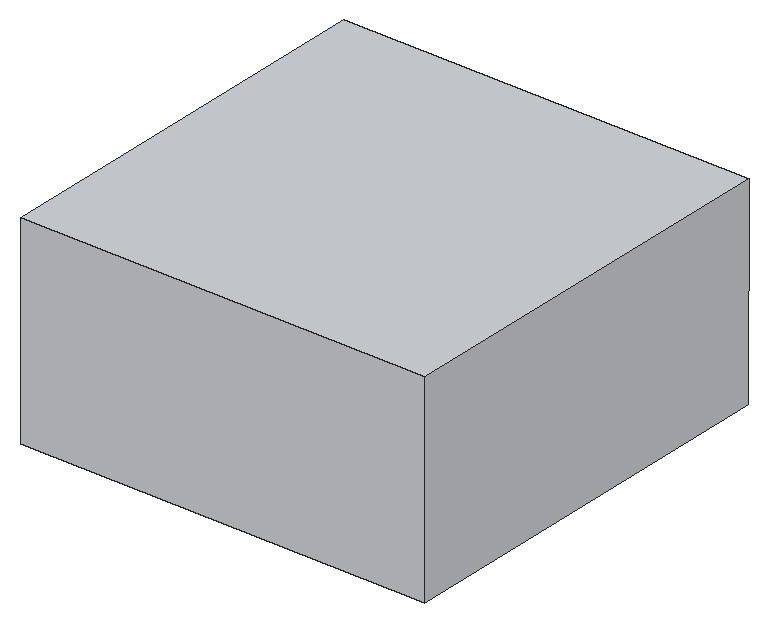
Revit family "Junction Box with Isolated Ground Outlet", category Electrical Fixtures, host Face, Revit 2025
Family settings
  Host = Face
  Round Connector Dimension = Use Diameter
  Part Type = Junction Box
  Cut with Voids When Loaded = No
  Maintain Annotation Orientation = Yes
  Shared = No
  Room Calculation Point = No
Parameters (values of type "Wall Mounted")
  Width = 3"
  Wall Mounted = not(Face Mounted)  # yes
  Height = 3"
  Face Mounted = no
  Depth - Top = Depth * 2 / 3  # 1"
  Depth - Back = Depth * 1 / 3  # 1/2"
  Depth = 1 1/2"
  Default Elevation = 48"
Types (2): name | Wall Mounted | Face Mounted
  Face Mounted | no | yes
  Wall Mounted | yes | no
Reference planes (in)
  plane 1 "Center (Front/Back)": y = 0
  plane 2: z = 0
  plane 3 "Center (Left/Right)": x = 0
  plane 4: z = 1
  plane 5 "base": z = -0.5
Forms (in)
  Extrusion 1, solid
    sketch origin (0, 0, -0.5) x (-1, 0, 0) y (0, -1, 0)
      loop
        line (1.5, -1.5) -> (1.5, 1.5) -> (-1.5, 1.5) -> (-1.5, -1.5) -> (1.5, -1.5)
    from 0 to 1.5
Dimensions and locks (in)
  equal spacing: Extrusion 1 sketch curve, plane 3 "Center (Left/Right)", Extrusion 1 sketch curve
  "Width": Extrusion 1 sketch curve to Extrusion 1 sketch curve
  "Height": Extrusion 1 sketch curve to Extrusion 1 sketch curve
  equal spacing: Extrusion 1 sketch curve, plane 1 "Center (Front/Back)", Extrusion 1 sketch curve
  "Depth - Back": plane 2 to plane 5 "base"
  "Depth - Top": plane 4 to plane 2
  aligned and locked: plane 2 to host face
  aligned and locked: level to host face
  aligned and locked: plane 4 to Extrusion 1
Automatic sketch dimensions
  host sketch curve to host sketch curve = 96"  (x2)
Nested families (in)
  nested 1: "Face Mounted" at (0, 0, 0), visible <- "Face Mounted", type "Standard"
  nested 2: "Wall Mounted" at (0, 0, 0), visible <- "Wall Mounted", type "Standard"
Connectors (in)
  electrical at (0, 0, 1)
    settings: on Extrusion 1, index 1, voltage 0 V, apparent load 0 VA, apparent load phase1 0 VA, apparent load phase2 0 VA, apparent load phase3 0 VA, power factor 1, load classification "Other", number of poles 1, system type 31, power factor state 1, is connector primary yes, connector utility no, sub classification motor no, connector description ""
Definition of nested family "Face Mounted"
  Reference planes (in)
    plane 1: y = 0
    plane 2: x = 0
  Lines and regions (in)
    Filled region 1, type "Solid Black"
      outline origin (-0.02462, 0.02136, 0) x (1, 0, 0) y (0, 1, 0)
        loop
          line (0.02462, -0.14636) -> (0.13287, 0.04114) -> (-0.08364, 0.04114) -> (0.02462, -0.14636)
    detail lines
      curve 1: circle (0, 0, 0) r 0.125 normal (0, 0, 1)
Definition of nested family "Wall Mounted"
  Reference planes (in)
    plane 1: y = 0
    plane 2: x = 0
  Lines and regions (in)
    Filled region 1, type "Solid Black"
      outline origin (0, 0, 0) x (1, 0, 0) y (0, 1, 0)
        loop
          line (0, 0) -> (0.10825, 0.1875) -> (-0.10825, 0.1875) -> (0, 0)
    detail lines
      curve 1: circle (0, 0.125, 0) r 0.125 normal (0, 0, 1)
